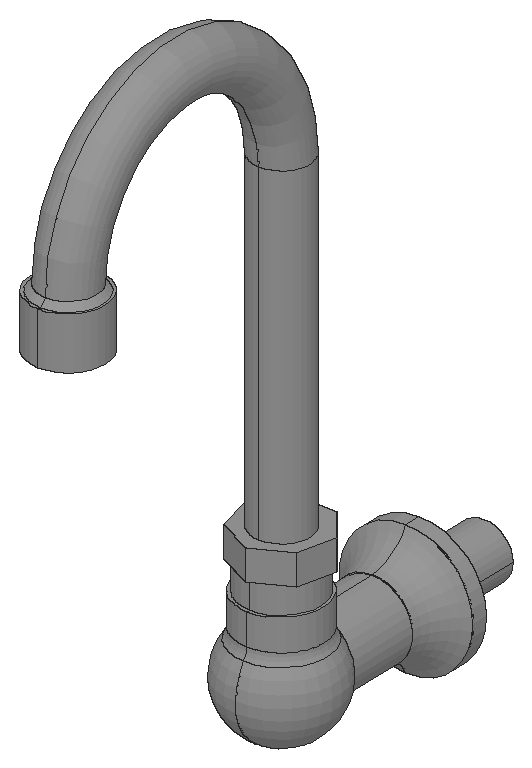
Revit family "Krowne_16-140L_WallMount_Faucet", category Plumbing Fixtures, Revit 2018
Family settings
  Round Connector Dimension = Use Diameter
  Part Type = Normal
  OmniClass Number = 23.45.05.14
  OmniClass Title = Plumbing Fixtures - Sanitary Washing Units
  Work Plane-Based = No
  Always vertical = Yes
  Cut with Voids When Loaded = No
  Shared = No
  Room Calculation Point = No
Parameters
  Plumbing Remarks = ""
  Plumbing Connection Type = ""
  Model = "16-140L"
  Masterspec = ""
  Manufacturer = "Krowne Metal"
  Item Number = ""
  Inlet = 1/2"
  Hot Water Temperature = 100 °F
  Hot Water Size = 1/2"
  Hot Water RI Height = 0"
  Hot Water Flow = 0.5 GPM
  Hot Water Connection Height = 0"
  Description = "Single Hole Wall Mount Remote Spout with 3-1/2\" Spout"
  Cold Water Size = 1/2"
  Cold Water RI Height = 0"
  Cold Water Flow = 0.5 GPM
  Cold Water Connection Height = 0"
  Assembly Code = "D2010400"
Reference planes (in)
  plane 1 "Center (Front/Back)": y = 0.31693
  plane 2: z = 0
  plane 3 "Center (Left/Right)": x = 0
  plane 4: x = -3.375
  plane 5: x = 3.375
  plane 6: y = 2.06693
  plane 7: z = 5.375
  plane 8: z = 6.94331
  plane 9: y = 1.19193
  plane 10: y = -2.30807
  plane 11: x = -0.48619
  plane 12: x = 0.48619
  plane 13: x = 0.37508
  plane 14: x = -0.37508
Forms (in)
  Revolve 1, solid, material "QF_Steel-Chrome-Polished"
    sketch origin (0.00008, 1.93849, -0.75) x (0, 1, 0) y (0, 0, 1)
      loop
        arc (-0.75, 0) -> (-0.08276, 0.40752) -> (-0.14062, 1.18722) r 0.75
        arc (-0.14062, 1.18722) -> (-0.17549, 1.25641) -> (-0.1875, 1.33296) r 0.25
        line (-0.1875, 1.33296) -> (-0.1875, 1.75) -> (-0.75, 1.75) -> (-0.75, 0)
      axis (-0.75, 0) -> (-0.75, 1.75)
    angle from 0 to 360
  Extrusion 2, solid, material "QF_Steel-Chrome-Polished"
    sketch origin (12.37831, 3.45564, -0.75) x (1, 0, 0) y (0, 0, 1)
      loop
        circle (-12.37823, 0.75) r 0.375
    from 0 to -1.0625
  Sweep 3, solid, material "QF_Steel-Chrome-Polished"
    path origin (0.00008, 0, 0) x (0, 1, 0) y (0, 0, 1)
      loop
        line (1.19193, 1.75976) -> (1.19193, 6.14867)
        arc (1.19193, 6.14867) -> (-0.55807, 7.89867) -> (-2.30807, 6.14867) r 1.75
    profile origin (0.00008, 1.19193, 3.95422) x (0, -1, 0) y (1, 0, 0)
      loop
        circle (0, 0) r 0.375
  Revolve 4, solid, material "QF_Steel-Chrome-Polished"
    sketch origin (0.00008, 1, 0.52461) x (0, 1, 0) y (0, 0, 1)
      loop
        line (-2.93276, 5.62406) -> (-3.30807, 5.62406) -> (-3.30807, 4.85039) -> (-2.8142, 4.85039) -> (-2.8142, 5.54206) -> (-2.85076, 5.54206) -> (-2.93276, 5.62406)
      axis (-3.30807, 5.62406) -> (-3.30807, 4.85039)
    angle from 0 to 360
  Extrusion 5, solid, material "QF_Steel-Chrome-Polished"
    sketch origin (0.00008, 0.03028, 1.23576) x (1, 0, 0) y (0, 1, 0)
      loop
        line (-0.26533, 1.74289) -> (-0.59619, 1.328) -> (-0.4781, 0.81065) -> (0, 0.58041) -> (0.4781, 0.81065) -> (0.59619, 1.328) -> (0.26533, 1.74289) -> (-0.26533, 1.74289)
    from 0.124 to 0.524
  Revolve 6, solid, material "QF_Steel-Chrome-Polished"
    sketch origin (0.00008, -0.00343, 0.44071) x (0, 1, 0) y (0, 0, 1)
      loop
        line (1.19193, 0.91905) -> (0.67143, 0.91905) -> (0.67143, 0.55929) -> (1.19193, 0.55929) -> (1.19193, 0.91905)
      axis (1.19193, 0.91905) -> (1.19193, 0.55929)
    angle from 0 to 360
  Revolve 7, solid, material "QF_Steel-Chrome-Polished"
    sketch origin (0.00008, 3.45564, -1.19193) x (0, 0, 1) y (0, -1, 0)
      loop
        line (1.19193, 0.76714) -> (0.66362, 0.76714)
        arc (0.66362, 0.76714) -> (0.56475, 0.44337) -> (0.31693, 0.21275) r 0.65231
        line (0.31693, 0.21275) -> (0.31693, 0) -> (1.19193, 0) -> (1.19193, 0.76714)
      axis (1.19193, 0.76714) -> (1.19193, 0)
    angle from 0 to 360
  Revolve 8, solid, material "QF_Steel-Chrome-Polished"
    sketch origin (0.00008, 3.24778, -1.19193) x (0, 0, 1) y (0, -1, 0)
      loop
        line (1.19193, 1.66339) -> (0.67143, 1.66339) -> (0.67143, 0.55929) -> (1.19193, 0.55929) -> (1.19193, 1.66339)
      axis (1.19193, 1.66339) -> (1.19193, 0.55929)
    angle from 0 to 360
Lines and regions (in)
  symbolic lines
    curve 1: arc (-0.375, 1.19193, 0) -> (0.00004, 1.56697, 0) -> (0.37508, 1.19193, 0) r 0.37504
    curve 2: line (0.37508, 1.19193, 0) -> (0.37508, -2.30088, 0)
    curve 3: line (-0.375, 1.19193, 0) -> (-0.375, -2.30088, 0)
    curve 4: arc (0.37508, -2.30088, 0) -> (0.00004, -2.67592, 0) -> (-0.375, -2.30088, 0) r 0.37504
    curve 5: arc (-0.375, -1.98232, 0) -> (0.00004, -2.8019, 0) -> (0.37508, -1.98232, 0) r 0.4956
    curve 6: line (0.59627, 1.35828, 0) -> (0.26541, 1.77317, 0)
    curve 7: line (0.26541, 1.77317, 0) -> (-0.26525, 1.77317, 0)
    curve 8: line (-0.26525, 1.77317, 0) -> (-0.5961, 1.35828, 0)
    curve 9: line (-0.5961, 1.35828, 0) -> (-0.47802, 0.84093, 0)
    curve 10: line (-0.47802, 0.84093, 0) -> (-0.375, 0.79132, 0)
    curve 11: line (0.37508, 0.79128, 0) -> (0.47819, 0.84093, 0)
    curve 12: arc (-0.52021, 1.73219, 0) -> (-0.74448, 1.10107, 0) -> (-0.375, 0.54241, 0) r 0.75
    curve 13: arc (0.37508, 0.54246, 0) -> (0.74445, 1.10086, 0) -> (0.52058, 1.73184, 0) r 0.75
    curve 14: line (-0.52021, 1.73219, 0) -> (-0.52021, 2.68849, 0)
    curve 15: line (-0.52021, 2.68849, 0) -> (0.52058, 2.68849, 0)
    curve 16: line (0.52058, 2.68849, 0) -> (0.52058, 1.73184, 0)
    curve 17: line (-0.87492, 3.24289, 0) -> (0.87508, 3.24289, 0)
    curve 18: line (-0.87492, 3.45564, 0) -> (-0.87492, 3.24289, 0)
    curve 19: line (0.87508, 3.45564, 0) -> (-0.87492, 3.45564, 0)
    curve 20: line (0.87508, 3.24289, 0) -> (0.87508, 3.45564, 0)
    curve 21: arc (0.52058, 2.68849, 0) -> (0.62877, 3.00985, 0) -> (0.87508, 3.24289, 0) r 0.7013
    curve 22: arc (-0.52822, 2.68849, 0) -> (-0.63076, 3.00997, 0) -> (-0.87492, 3.24289, 0) r 0.68169
Dimensions and locks (in)
  plane 7 to level = 5 3/8"
  plane 9 to plane 10 = 3 1/2"
  plane 6 to plane 1 "Center (Front/Back)" = 1 3/4"
  plane 1 "Center (Front/Back)" to plane 6 = 1 3/4"
  aligned and locked: level to plane 2
Connectors (in)
  piping at (0.00008, 4.51814, 0), diameter 0.5, driven by "Cold Water Size", driven by "Cold Water Flow"
    settings: on Extrusion 2, index 1, connector inside diameter 24", connector length 0", flow factor 0, pipe flow 0.5 GPM, pressure drop 0.00 psi, fitting loss kfactor 0, connector angle 0.00°, fixture units 0, engagement length 0", angle of deflection 0.00°, flow configuration 0, flow direction 1, fitting loss method 0, system type 20, joint type 0, gender type 0, connector reference index -1, connector utility 0, adjustable connector no, is connector primary yes, connector description ""
